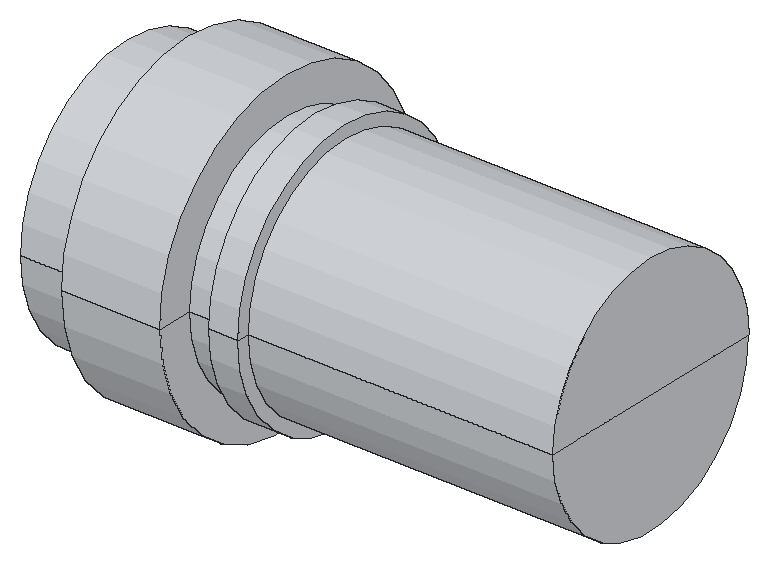
Revit family "Válvula de sucção - 25-100 mm", category Acessórios do tubo, Revit 2019
Family settings
  Cota do conector redondo = Usar raio
  Tipo de parte = Extremidade
  ID de item do Seek = 3 Way Valve - 20-100 mm-0000-CAN-ENU
  Com base no plano de trabalho = Não
  Sempre na vertical = Sim
  Corte com vazios quando carregada = Não
  Compartilhado = Não
Parameters (values of type "25 mm")
  Material da válvula = none
  Tamanho da marca de revisão = 26.00 mm
  Raio nominal = 12.50 mm
  Diâmetro nominal = Raio nominal * 2  # 25.00 mm
  Método de perda = Coeficiente K
  Comprimento 5 = 3.00 mm
  Comprimento 4 = 3.00 mm
  Comprimento 3 = 10.00 mm
  Comprimento 2 = 6.25 mm
  Diâmetro externo do soquete 2 = 27.50 mm
  Comprimento 1 = 53.50 mm
  Diâmetro externo do soquete 1 = 32.50 mm
  Raio externo da conexão = Diâmetro externo da conexão / 2  # 12.50 mm
  Diâmetro externo da conexão = 25.00 mm
  K Coefficient = 10.1
Types (9, lengths in mm): name | Tamanho da marca de revisão | Raio nominal | Diâmetro nominal | Comprimento 5 | Comprimento 4 | Comprimento 3 | Comprimento 2 | Diâmetro externo do soquete 2 | Comprimento 1 | Diâmetro externo do soquete 1 | Raio externo da conexão | Diâmetro externo da conexão | K Coefficient
  (no name) | 26.00 | 12.50 | 25.00 | 3.00 | 3.00 | 10.00 | 6.25 | 27.50 | 53.50 | 32.50 | 12.50 | 25.00 | 10.1
  25 mm | 26.00 | 12.50 | 25.00 | 3.00 | 3.00 | 10.00 | 6.25 | 27.50 | 53.50 | 32.50 | 12.50 | 25.00 | 10.1
  32 mm | 33.28 | 16.00 | 32.00 | 3.84 | 3.84 | 12.80 | 8.00 | 35.20 | 68.48 | 41.60 | 16.00 | 32.00 | 10.06
  40 mm | 41.60 | 20.00 | 40.00 | 4.80 | 4.80 | 16.00 | 10.00 | 44.00 | 85.60 | 52.00 | 20.00 | 40.00 | 8.96
  50 mm | 52.00 | 25.00 | 50.00 | 6.00 | 6.00 | 20.00 | 12.50 | 55.00 | 107.00 | 65.00 | 25.00 | 50.00 | 7.53
  60 mm | 62.40 | 30.00 | 60.00 | 7.20 | 7.20 | 24.00 | 15.00 | 66.00 | 128.40 | 78.00 | 30.00 | 60.00 | 7.42
  75 mm | 78.00 | 37.50 | 75.00 | 9.00 | 9.00 | 30.00 | 18.75 | 82.50 | 160.50 | 97.50 | 37.50 | 75.00 | 7.3
  85 mm | 88.40 | 42.50 | 85.00 | 10.20 | 10.20 | 34.00 | 21.25 | 93.50 | 181.90 | 110.50 | 42.50 | 85.00 | 7.2
  100 mm | 104.00 | 50.00 | 100.00 | 12.00 | 12.00 | 40.00 | 25.00 | 110.00 | 214.00 | 130.00 | 50.00 | 100.00 | 7.15
Reference planes
  plane 1 "Centro (Frente/Trás)": y = 0
  plane 2: z = 0
  plane 3 "Centro (Esquerda/Direita)": x = 0
  plane 4: x = 53.5
  plane 5: x = 22.25
  plane 6: x = 19.25
  plane 7: x = 16.25
  plane 8: x = 6.25
  plane 9: y = 12.5
  plane 10: y = 16.25
  plane 11: y = 13.75
  plane 12: y = -12.5
  plane 13: y = -16.25
  plane 14: y = -13.75
Forms (mm)
  Revolve 1, solid, material <- "Material da válvula", detail levels fine
    sketch origin (0, 0, 0) x (1, 0, 0) y (0, 1, 0)
      loop
        line (0, 0) -> (53.5, 0) -> (53.5, 12.5) -> (22.25, 12.5) -> (22.25, 13.75) -> (19.25, 13.75) -> (19.25, 12.5) -> (16.25, 12.5) -> (16.25, 16.25) -> (6.25, 16.25) -> (6.25, 13.75) -> (0, 13.75) -> (0, 0)
      axis (53.5, 0) -> (0, 0)
    angle from 0 to 360
Lines and regions (mm)
  model lines, detail levels coarse+medium
    curve 1: line (0, 0, 0) -> (53.5, -26, 0)
    curve 2: line (0, 0, 0) -> (53.5, 26, 0)
    curve 3: line (53.5, -26, 0) -> (53.5, 26, 0)
Dimensions and locks
  "Comprimento 1": plane 3 "Centro (Esquerda/Direita)" to plane 4
  "Comprimento 2": plane 3 "Centro (Esquerda/Direita)" to plane 8
  "Comprimento 3": plane 8 to plane 7
  "Comprimento 4": plane 7 to plane 6
  "Comprimento 5": plane 6 to plane 5
  equal spacing: curve 3, plane 1 "Centro (Frente/Trás)", curve 3
  "Tamanho da marca de revisão": plane 1 "Centro (Frente/Trás)" to curve 3
  equal spacing: plane 13, plane 1 "Centro (Frente/Trás)", plane 10
  equal spacing: plane 14, plane 1 "Centro (Frente/Trás)", plane 11
  equal spacing: plane 9, plane 1 "Centro (Frente/Trás)", plane 12
  "Raio nominal": plane 9 to plane 1 "Centro (Frente/Trás)"
  "Diâmetro externo do soquete 1": plane 10 to plane 13
  "Diâmetro externo do soquete 2": plane 11 to plane 14
  aligned and locked: plane 1 "Centro (Frente/Trás)" to Revolve 1 sketch curve
  aligned and locked: plane 4 to Revolve 1 sketch curve
  aligned and locked: plane 9 to Revolve 1 sketch curve  (x2)
  aligned and locked: plane 5 to Revolve 1 sketch curve
  aligned and locked: plane 11 to Revolve 1 sketch curve  (x2)
  aligned and locked: Revolve 1 sketch curve to plane 6
  aligned and locked: plane 7 to Revolve 1 sketch curve
  aligned and locked: plane 10 to Revolve 1 sketch curve
  aligned and locked: Revolve 1 sketch curve to plane 8
  aligned and locked: Revolve 1 sketch curve to plane 3 "Centro (Esquerda/Direita)"
  aligned and locked: Revolve 1 sketch curve to plane 1 "Centro (Frente/Trás)"
Automatic sketch dimensions
  plane 1 "Centro (Frente/Trás)" to curve 2 = 0.00 mm
  curve 2 to plane 3 "Centro (Esquerda/Direita)" = 0.00 mm
  plane 1 "Centro (Frente/Trás)" to curve 1 = 0.00 mm
  curve 1 to plane 3 "Centro (Esquerda/Direita)" = 0.00 mm
  curve 2 to plane 4 = 0.00 mm
  curve 3 to plane 4 = 0.00 mm
  curve 1 to plane 4 = 0.00 mm
  curve 1 to curve 3 = 0.00 mm
  curve 2 to curve 3 = 0.00 mm
  Revolve 1 sketch curve to plane 3 "Centro (Esquerda/Direita)" = 0.00 mm
  Revolve 1 sketch curve to Revolve 1 sketch curve = 7.204 mm
Connectors
  piping at (0, 0, 0), diameter 25, driven by "Raio nominal"
    settings: on Revolve 1, index 1, connector inside diameter 25.00 mm, connector length 0.00 mm, flow factor 0, pipe flow 0.0 L/s, pressure drop 0.0 Pa, fitting loss kfactor 0, connector angle 0.00°, fixture units 0, engagement length 0.00 mm, angle of deflection 0.00°, flow configuration 0, flow direction 0, fitting loss method 0, system type 29, joint type 0, gender type 0, connector reference index -1, connector utility 0, adjustable connector no, is connector primary yes, connector description ""
